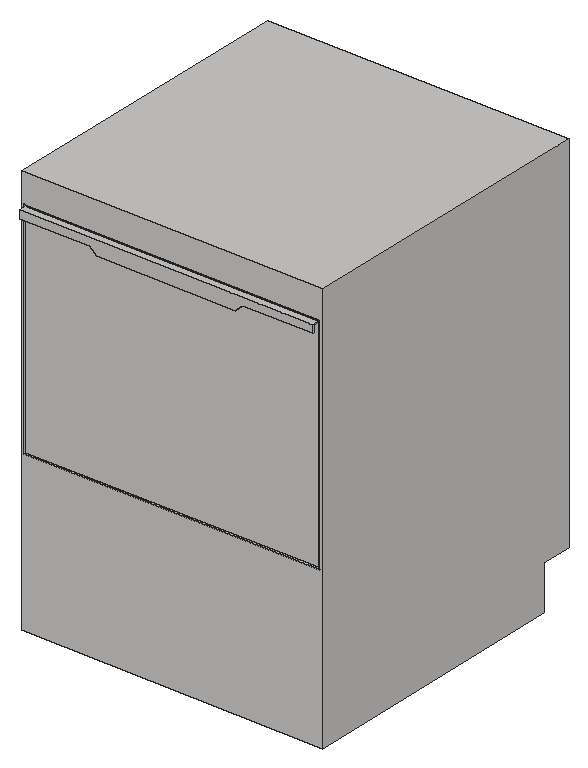
Revit family "QF_ELECTROLUXPROFESSIONAL_400205_EL1P6", category Specialty Equipment, Revit 2018
Family settings
  Round Connector Dimension = Use Diameter
  Part Type = Normal
  Work Plane-Based = No
  Always vertical = Yes
  Cut with Voids When Loaded = No
  Shared = No
  Room Calculation Point = No
Parameters
  Weight = 60.00 kg
  Watts = 0 W
  Volts = 0 V
  URL Manufacturer = ""
  URL = "http://professional.electrolux.com/"
  Steam Supply Size = 0 mm
  Steam Supply Minimum Pressure = 0.0 Pa
  Steam Supply Maximum Pressure = 0.0 Pa
  Steam Pounds per Hour = 0
  Show Logo [instance] = yes
  Show Clearance [instance] = yes
  Refrigeration Suction Line Size = 0 mm
  Refrigeration Liquid Line Size = 0 mm
  Refrigerant Compressor Remote = yes
  Manufacturer = ""
  Phase = 0
  Model = ""
  Length Actual = 600 mm  # constant formula
  Item Number = ""
  Hot Water Size = 0 mm
  Height Actual = 820 mm  # constant formula
  HP = "4.9 HP"
  Gas Size = 0 mm
  Gas KW = 0
  Gas Input Pressure = 0 W
  Direct Waste Size = 20.5 mm
  Description = ""
  Depth Actual = 648 mm  # constant formula
  Cycle = 0 Hz
  Condensate Return Size = 0 mm
  Compressed Air Volume = 0.0 L/s
  Compressed Air Size = 0 mm
  Compressed Air Pressure = 0.0 Pa
  Cold Water Size = 0 mm
  Accessory = yes
Types (2, lengths in mm): name | Volts | URL Manufacturer | URL | Manufacturer | Phase | Model | Item Number | Hot Water Size | Description | Cycle
  (no name) | 0 V | "" | "http://professional.electrolux.com/" | "" | 0 | "" | "" | 0 | "" | 0 Hz
  Standard | 220 V | "http://professional.electrolux.com" | "http://professional.electrolux.com" | "Electrolux Professional" | 1 | "EL1P6" | "400205" | 19.05 | "UNDERCOUNTER(L), 1PH, DRAIN PUMP, 540D/H - 60HZ" | 60 Hz
Reference planes
  plane 1 "Center (Front/Back)": y = 0
  plane 2: z = 0
  plane 3 "Center (Left/Right)": x = 0
  plane 4 "LEFT": x = -300
  plane 5 "RIGHT": x = 300
  plane 6 "FRONT": y = -306
  plane 7 "BACK": y = 306
  plane 8: x = -202.5
  plane 9: x = 202.5
  plane 10: z = 830
  plane 11: z = 10
Forms (mm)
  Extrusion 1, solid, material "QF_Finishes_Stainless Steel"
    sketch origin (0, 0, 0) x (1, 0, 0) y (0, 1, 0)
      loop
        line (-300, -306) -> (300, -306) -> (300, 245) -> (-300, 245) -> (-300, -306)
    from 10 to 830
  Extrusion 2, solid, material "QF_Finishes_Stainless Steel"
    sketch origin (0, 0, 0) x (1, 0, 0) y (0, 1, 0)
      loop
        line (-300, 245) -> (300, 245) -> (300, 306) -> (-300, 306) -> (-300, 245)
    from 100 to 830
  Extrusion 3, solid, material "QF_Finishes_Stainless Steel"
    sketch origin (0, 17.5, 0) x (1, 0, 0) y (0, 1, 0)
      loop
        circle (-254, 167.5) r 12.5
      loop
        circle (254, 167.5) r 12.5
      loop
        circle (-254, -263.5) r 12.5
      loop
        circle (254, -263.5) r 12.5
    from 0 to 10
  Extrusion 4, void
    sketch origin (-300, -306, 0) x (-1, 0, 0) y (0, 0, 1)
      loop
        line (-5, 773.217) -> (-595, 773.217) -> (-595, 327.335) -> (-5, 327.335) -> (-5, 773.217)
    from 0 to 30
  Extrusion 5, solid, material "QF_Finishes_Stainless Steel"
    sketch origin (-259, -389, 768) x (0, 0, -1) y (1, 0, 0)
      loop
        circle (693, 143) r 10
    from -634 to -695
  Extrusion 6, solid, material "QF_Door-Drawer Clearances", visible <- "Show Clearance", detail levels coarse
    sketch origin (-230, -282.5, 0) x (0, 1, 0) y (0, 0, -1)
      loop
        line (-23.5, -330.419) -> (-391.5, -330.419)
        arc (-391.5, -330.419) -> (-290.693, -619.855) -> (-23.5, -770) r 432.894
        line (-23.5, -770) -> (-23.5, -330.419)
    from 61.197 to -521.306
  Extrusion 7, solid, material "QF_Finishes_Stainless Steel"
    sketch origin (-315.481, -389, 738) x (0, 0, -1) y (1, 0, 0)
      loop
        circle (663, 252.481) r 8
    from -634 to -695
  Extrusion 8, solid, material "QF_Finishes_Stainless Steel"
    sketch origin (-230, -282.5, 0) x (0, 1, 0) y (0, 0, -1)
      loop
        line (-23.5, -330.419) -> (-23.5, -770) -> (1.5, -770) -> (1.5, -330.419) -> (-23.5, -330.419)
    from 61.197 to -521.306
  Extrusion 9, solid, material "QF_Finishes_Stainless Steel"
    sketch origin (-230, -297.5, 0) x (0, 1, 0) y (0, 0, -1)
      loop
        line (-8.5, -770) -> (-8.5, -767.514) -> (-21, -767.514) -> (-21, -741.25) -> (-23.5, -741.25) -> (-23.5, -770) -> (-8.5, -770)
    from 61.197 to -521.306
  Extrusion 10, void
    sketch origin (-230, -321, 770) x (0, 0, 1) y (1, 0, 0)
      loop
        line (-15.552, -61.197) -> (-15.552, 77.909) -> (-28.75, 91.107) -> (-28.75, -61.197) -> (-15.552, -61.197)
      loop
        line (-15.552, 521.197) -> (-28.75, 521.197) -> (-28.75, 368.893) -> (-15.552, 382.091) -> (-15.552, 521.197)
    from 0 to 2.5
  Extrusion 11, solid, material "QF_Finishes_Stainless Steel"
    sketch origin (-295.988, 885.897, 763.79) x (0, -1, 0) y (1, 0, 0)
      loop
        circle (611.5, 158) r 8
    from -663.79 to -673.79
Cuts and joins
  Extrusion 4 cuts Extrusion 1
  joined: Extrusion 1, Extrusion 2
  Extrusion 10 cuts Extrusion 8
  Extrusion 10 cuts Extrusion 9
Lines and regions (mm)
  Split face 1
    outline origin (-300, -306, 830) x (0, 0, -1) y (1, 0, 0)
      loop
        line (21.579, 283.75) -> (39.683, 283.75) -> (39.683, 316.25) -> (21.579, 316.25) -> (21.579, 283.75)
  Split face 2
    outline origin (-300, -306, 830) x (0, 0, -1) y (1, 0, 0)
      loop
        line (56.783, 595) -> (56.783, 600)
      loop
        arc (56.783, 412.5) -> (28.391, 440.891) -> (0, 412.5) r 28.391
  symbolic lines
    curve 1: line (-300, 306, 0) -> (300, 306, 0)
    curve 2: line (-300, -306, 0) -> (-300, 306, 0)
    curve 3: line (300, -306, 0) -> (-300, -306, 0)
    curve 4: line (300, 306, 0) -> (300, -306, 0)
    curve 9: line (-291.197, -306, 0) -> (-291.197, -321, 0)
    curve 10: line (291.306, -321, 0) -> (291.306, -306, 0)
    curve 11: line (-291.197, -321, 0) -> (291.306, -321, 0)
  symbolic lines, style "QF_Door-Drawer Clearances"
    curve 5: line (-291.197, -674, 0) -> (291.306, -674, 0)
    curve 6: line (291.306, -674, 0) -> (291.306, -306, 0)
    curve 7: line (-291.197, -674, 0) -> (-291.197, -306, 0)
  symbolic lines, style "SpecialityEquipmentHiddenLines"
    curve 8: line (-300, 245, 0) -> (300, 245, 0)
Dimensions and locks
  equal spacing: plane 4 "LEFT", plane 3 "Center (Left/Right)", plane 5 "RIGHT"
  equal spacing: plane 7 "BACK", plane 1 "Center (Front/Back)", plane 6 "FRONT"
  plane 7 "BACK" to plane 6 "FRONT" = 612 mm
  plane 4 "LEFT" to plane 5 "RIGHT" = 600 mm
  plane 4 "LEFT" to plane 8 = 97.5 mm
  plane 9 to plane 5 "RIGHT" = 97.5 mm
  plane 11 to level = 10 mm
  plane 4 "LEFT" to plane 3 "Center (Left/Right)" = 300 mm
  plane 10 to level = 830 mm  (x2)
  plane 8 to plane 9 = 405 mm
  Extrusion 11 sketch curve to plane 4 "LEFT" = 162.012 mm
  level to Extrusion 5 sketch curve = 75 mm
  Extrusion 5 sketch curve to plane 4 "LEFT" = 184 mm
  Extrusion 7 sketch curve to plane 4 "LEFT" = 237 mm
  level to Extrusion 7 sketch curve = 75 mm
  Extrusion 3 to cut or joined group of Extrusion 1, Extrusion 2, Extrusion 4 = 121 mm
  Extrusion 3 to Extrusion 3 = 431 mm
  plane 6 "FRONT" to Extrusion 3 = 60 mm
  plane 9 to plane 8 = 405 mm
  plane 7 "BACK" to curve 5 = 980 mm
  cut or joined group of Extrusion 1, Extrusion 2, Extrusion 4 to level = 327.335 mm
  aligned and locked: level to plane 2
  aligned and locked: Extrusion 1 sketch curve to plane 6 "FRONT"
  aligned and locked: Extrusion 1 sketch curve to plane 4 "LEFT"
  aligned and locked: plane 5 "RIGHT" to Extrusion 1 sketch curve
  aligned and locked: Extrusion 1 to plane 11
  aligned and locked: Extrusion 2 sketch curve to Extrusion 1
  aligned and locked: plane 5 "RIGHT" to Extrusion 2 sketch curve
  aligned and locked: plane 11 to Extrusion 3
  aligned and locked: cut or joined group of Extrusion 9, Extrusion 10 to Extrusion 10
Automatic sketch dimensions
  Extrusion 1 sketch curve to plane 7 "BACK" = 61 mm
  Extrusion 3 sketch curve to plane 8 = 51.5 mm  (x2)
  plane 9 to Extrusion 3 sketch curve = 51.5 mm  (x2)
  plane 6 "FRONT" to Extrusion 3 sketch curve = 60 mm  (x2)
  Extrusion 3 sketch curve to plane 7 "BACK" = 121 mm  (x2)
  Extrusion 4 sketch curve to Extrusion 1 = 5 mm  (x2)
  Extrusion 4 sketch curve to Extrusion 1 = 317.335 mm
  Extrusion 4 sketch curve to Extrusion 1 = 56.783 mm
  plane 6 "FRONT" to Extrusion 8 sketch curve = 0 mm
  Extrusion 8 sketch curve to Extrusion 8 sketch curve = 25 mm
  Extrusion 9 sketch curve to plane 6 "FRONT" = 15 mm
  Extrusion 9 sketch curve to Extrusion 9 sketch curve = 2.5 mm
  Extrusion 9 sketch curve to Extrusion 9 sketch curve = 12.5 mm
  Extrusion 9 sketch curve to plane 10 = 60 mm
  Extrusion 9 sketch curve to Extrusion 9 sketch curve = 2.486 mm
  Extrusion 9 sketch curve to Extrusion 9 sketch curve = 26.264 mm
  Extrusion 2 sketch curve to Extrusion 2 sketch curve = 61 mm
  Split face 1 sketch curve to cut or joined group of Extrusion 1, Extrusion 2, Extrusion 4 = 21.579 mm
  Split face 1 sketch curve to Split face 1 sketch curve = 18.104 mm
  Split face 1 sketch curve to cut or joined group of Extrusion 1, Extrusion 2, Extrusion 4 = 278.75 mm
  Split face 1 sketch curve to Split face 1 sketch curve = 32.5 mm
  plane 11 to Extrusion 8 sketch curve = 320.419 mm
  Extrusion 8 sketch curve to plane 10 = 60 mm
  Extrusion 10 sketch curve to Extrusion 9 = 0 mm  (x2)
  Extrusion 9 to Extrusion 10 sketch curve = 0 mm
  Extrusion 10 sketch curve to Extrusion 9 = 13.198 mm  (x2)
  Extrusion 10 sketch curve to Extrusion 9 = 139.107 mm
  Extrusion 10 sketch curve to Extrusion 10 sketch curve = 13.198 mm  (x2)
  Extrusion 10 sketch curve to Extrusion 9 = 152.413 mm
  Extrusion 10 sketch curve to Extrusion 9 = 0.109 mm
  curve 3 to plane 4 "LEFT" = 0 mm
  curve 7 to plane 6 "FRONT" = 0 mm
  curve 4 to plane 5 "RIGHT" = 0 mm
  curve 2 to plane 7 "BACK" = 0 mm
  plane 4 "LEFT" to curve 5 = 8.803 mm
  curve 5 to plane 5 "RIGHT" = 8.694 mm
  plane 4 "LEFT" to curve 11 = 8.803 mm
  curve 10 to plane 5 "RIGHT" = 8.694 mm
  curve 11 to plane 6 "FRONT" = 15 mm
  curve 8 to plane 7 "BACK" = 61 mm
  Extrusion 2 sketch curve to plane 7 "BACK" = 0 mm
  Split face 2 sketch curve to cut or joined group of Extrusion 1, Extrusion 2, Extrusion 4 = 0 mm  (x5)
  Split face 2 sketch curve to cut or joined group of Extrusion 1, Extrusion 2, Extrusion 4 = 182.5 mm
  Extrusion 11 sketch curve to plane 7 "BACK" = 31.603 mm
  Extrusion 6 sketch curve to plane 6 "FRONT" = 0 mm
  plane 6 "FRONT" to Extrusion 6 sketch curve = 64.74 mm
  plane 11 to Extrusion 6 sketch curve = 331.974 mm
  Extrusion 6 sketch curve to Extrusion 6 sketch curve = 11.555 mm
  Extrusion 6 sketch curve to plane 6 "FRONT" = 368 mm
  radius of Extrusion 5 sketch curve = 10 mm
  radius of Extrusion 7 sketch curve = 8 mm
  radius of Extrusion 3 sketch curve = 12.5 mm  (x4)
  radius of Extrusion 11 sketch curve = 8 mm
Connectors
  piping at (-116, 306, 75), diameter 20
    settings: on Extrusion 5, index 1, connector inside diameter 609.6 mm, connector length 0 mm, flow factor 0, pipe flow 0.0 L/s, pressure drop 0.0 Pa, fitting loss kfactor 0, connector angle 0.00°, fixture units 0, engagement length 0 mm, angle of deflection 0.00°, flow configuration 1, flow direction 1, fitting loss method 0, system type 16, joint type 0, gender type 0, connector reference index -1, connector utility 0, adjustable connector no, is connector primary yes, connector description "Drain"
  piping at (-63, 306, 75), diameter 16
    settings: on Extrusion 7, index 3, connector inside diameter 609.6 mm, connector length 0 mm, flow factor 0, pipe flow 0.0 L/s, pressure drop 0.0 Pa, fitting loss kfactor 0, connector angle 0.00°, fixture units 0, engagement length 0 mm, angle of deflection 0.00°, flow configuration 1, flow direction 1, fitting loss method 0, system type 20, joint type 0, gender type 0, connector reference index -1, connector utility 0, adjustable connector no, is connector primary no, connector description "Cold Water Inlet"
  electrical at (-137.988, 274.397, 90), driven by "Volts"
    settings: on Extrusion 11, index 4, voltage 0 V, apparent load 0 VA, apparent load phase1 0 VA, apparent load phase2 0 VA, apparent load phase3 0 VA, power factor 1, load classification "Altro", number of poles 1, system type 31, power factor state 1, is connector primary yes, connector utility no, sub classification motor no, connector description "Electrical Connection"
